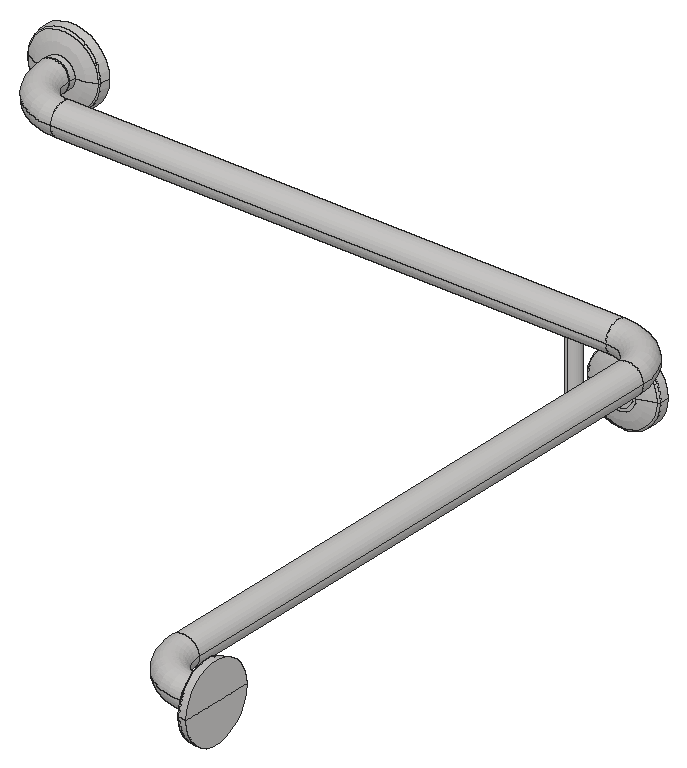
Revit family "Specialty Equipment_Grab Rail_Metlam_MLR 110", category Specialty Equipment, Revit 2014
Parameters (values of type "750w x 170h x 750d")
  URL = "http://www.metlam.com.au/"
  Type Comments = "Grab Rails"  # constant formula
  ModifiedIssue_ANZRS = 20151029  # constant formula
  Model = "MLR 110"
  Manufacturer_Overall Width = 750 mm  # constant formula
  Grab Rail Material = z_Metlam_Stainless Steel
  Manufacturer_URL__Product Specific = "http://metlam.com.au/product/content/grab-rails/MLR109"
  Manufacturer_URL_Home Page = "http://www.metlam.com.au/"
  Manufacturer_Spec Code = Model  # "MLR 110"
  Manufacturer_Overall Height = 170 mm  # constant formula
  Manufacturer_Overall Depth = 750 mm  # constant formula
  Manufacturer_Height From FFL [instance] = 805 mm
  Manufacturer = "Metlam"  # constant formula
  Keynote = ""
  Description = "RH Corner Wall Flush Mount Shower Grab Rail"  # constant formula
  CreatedBy_ANZRS = "IGS - BIM Solutions"  # constant formula
  CreatedByURL_ANZRS = "http://www.igsgroup.com.au/"
  Assembly Code = "C1030200"
Reference planes
  plane 1 "Origin": z = 0
  plane 2 "Centre of Grab": z = 789
  plane 3 "Top": z = 828
  plane 4 "Bottom Centre": z = 696
  plane 5 "Bottom": z = 658
  plane 6 "Back": y = 610
  plane 7 "Right": x = 210
  plane 8 "Left": x = -540
  plane 9 "Front": y = -140
  plane 10 "Mounting Height": z = 805
  plane 11 "Center (Left/Right)": x = -165
  plane 12 "Center (Front/Back)": y = 235
Forms (mm)
  Sweep 1, solid, material "z_Metlam_Stainless Steel" <- "Grab Rail Material"
    path origin (0, 0, 789) x (-1, 0, 0) y (0, -1, 0)
      loop
        line (-187, 140) -> (-186, 140)
        arc (-186, 140) -> (-150.645, 125.355) -> (-136, 90) r 50
        line (-136, 90) -> (-136, -486)
        arc (-136, -486) -> (-121.355, -521.355) -> (-86, -536) r 50
        line (-86, -536) -> (490, -536)
        arc (490, -536) -> (525.355, -550.645) -> (540, -586) r 50
        line (540, -586) -> (540, -586.983)
    profile origin (186.5, -140, 789) x (0, -1, 0) y (0, 0, 1)
      loop
        circle (0, 0) r 16
  Revolve 2, solid, material "z_Metlam_Stainless Steel" <- "Grab Rail Material"
    sketch origin (0, 0, 789) x (-1, 0, 0) y (0, -1, 0)
      loop
        arc (524, -593.938) -> (513.591, -595.611) -> (503.743, -599.373) r 51.397
        arc (503.743, -599.373) -> (502.851, -600.13) -> (502.401, -601.21) r 2.5
        line (502.401, -601.21) -> (501, -610) -> (540, -610) -> (540, -586.969) -> (524, -586.969) -> (524, -593.938)
      axis (540, -586.969) -> (540, -610)
    angle from 0 to 360
  Revolve 3, solid, material "z_Metlam_Stainless Steel" <- "Grab Rail Material"
    sketch origin (0, 0, 789) x (-1, 0, 0) y (0, -1, 0)
      loop
        line (-193.969, 124) -> (-187, 124) -> (-187, 140) -> (-210, 140) -> (-210, 101) -> (-201.241, 102.401)
        arc (-201.241, 102.401) -> (-200.162, 102.851) -> (-199.405, 103.743) r 2.5
        arc (-199.405, 103.743) -> (-195.643, 113.591) -> (-193.969, 124) r 51.397
      axis (-187, 140) -> (-210, 140)
    angle from 0 to 360
  Revolve 4, solid, material "z_Metlam_Stainless Steel" <- "Grab Rail Material"
    sketch origin (58, 0, 696) x (-1, 0, 0) y (0, -1, 0)
      loop
        line (-20, -610) -> (18, -610) -> (18, -593.969) -> (3.135, -593.969)
        arc (3.135, -593.969) -> (1.574, -594.005) -> (0.017, -594.112) r 34
        arc (0.017, -594.112) -> (-9.366, -595.884) -> (-18.246, -599.393) r 50.422
        arc (-18.246, -599.393) -> (-19.213, -600.266) -> (-19.609, -601.506) r 2.5
        line (-19.609, -601.506) -> (-20, -610)
      axis (18, -610) -> (18, -593.969)
    angle from 0 to 360
  Sweep 5, solid, material "z_Metlam_Stainless Steel" <- "Grab Rail Material"
    path origin (140, 610, 0) x (0, 1, 0) y (0, 0, -1)
      loop
        line (-16.031, -696) -> (-49, -696)
        arc (-49, -696) -> (-66.678, -703.322) -> (-74, -721) r 25
        line (-74, -721) -> (-74, -789)
    profile origin (140, 577.485, 696) x (0, 0, 1) y (-1, 0, 0)
      loop
        circle (0, 100) r 7.5
Cuts and joins
  joined: Sweep 1, Revolve 2, Revolve 3
Lines and regions (mm)
  Masking region 1
    outline origin (0, 0, 0) x (0, 1, 0) y (0, 0, 1)
      loop
        line (593.969, 805) -> (-104.433, 805)
        arc (-104.433, 805) -> (-179, 789) -> (-104.433, 773) r 39
        line (-104.433, 773) -> (528.5, 773) -> (528.5, 721.093)
        arc (528.5, 721.093) -> (538.046, 698.046) -> (561.093, 688.5) r 32.593
        line (561.093, 688.5) -> (593.969, 688.5) -> (593.969, 680)
        arc (593.969, 680) -> (595.604, 669.577) -> (599.4, 659.732) r 49.754
        arc (599.4, 659.732) -> (600.144, 658.859) -> (601.2, 658.41) r 2.5
        line (601.2, 658.41) -> (610, 658) -> (610, 734) -> (601.2, 733.59)
        arc (601.2, 733.59) -> (600.144, 733.141) -> (599.4, 732.268) r 2.5
        arc (599.4, 732.268) -> (595.604, 722.423) -> (593.969, 712) r 49.754
        line (593.969, 712) -> (593.969, 703.5) -> (561.128, 703.5)
        arc (561.128, 703.5) -> (548.663, 708.663) -> (543.5, 721.128) r 17.628
        line (543.5, 721.128) -> (543.5, 773) -> (593.969, 773)
        arc (593.969, 773) -> (595.604, 762.577) -> (599.4, 752.732) r 49.754
        arc (599.4, 752.732) -> (600.158, 751.849) -> (601.233, 751.405) r 2.5
        line (601.233, 751.405) -> (610, 750.016) -> (610, 827.984) -> (601.233, 826.595)
        arc (601.233, 826.595) -> (600.158, 826.151) -> (599.4, 825.268) r 2.5
        arc (599.4, 825.268) -> (595.604, 815.423) -> (593.969, 805) r 49.754
  Masking region 2
    outline origin (-388, 0, 805) x (1, 0, 0) y (0, 1, 0)
      loop
        arc (-136, 593.969) -> (-125.577, 595.621) -> (-115.727, 599.407) r 50.422
        arc (-115.727, 599.407) -> (-114.847, 600.158) -> (-114.404, 601.225) r 2.482
        line (-114.404, 601.225) -> (-113, 610) -> (-191, 610) -> (-189.596, 601.225)
        arc (-189.596, 601.225) -> (-189.153, 600.158) -> (-188.273, 599.407) r 2.482
        arc (-188.273, 599.407) -> (-178.423, 595.621) -> (-168, 593.969) r 50.422
        line (-168, 593.969) -> (-168, 586)
        arc (-168, 586) -> (-148.669, 539.331) -> (-102, 520) r 66
        line (-102, 520) -> (474, 520)
        arc (474, 520) -> (498.042, 510.041) -> (508, 486) r 34
        line (508, 486) -> (508, -89.953)
        arc (508, -89.953) -> (527.345, -136.656) -> (574.047, -156) r 66.047
        line (574.047, -156) -> (581.969, -156)
        arc (581.969, -156) -> (583.623, -166.43) -> (587.414, -176.286) r 50.422
        arc (587.414, -176.286) -> (588.156, -177.155) -> (589.212, -177.594) r 2.455
        line (589.212, -177.594) -> (598, -179) -> (598, -101) -> (589.226, -102.404)
        arc (589.226, -102.404) -> (588.158, -102.847) -> (587.407, -103.727) r 2.482
        arc (587.407, -103.727) -> (583.622, -113.577) -> (581.969, -124) r 50.422
        line (581.969, -124) -> (574, -124)
        arc (574, -124) -> (549.958, -114.042) -> (540, -90) r 34
        line (540, -90) -> (540, 485.968)
        arc (540, 485.968) -> (520.66, 532.66) -> (473.969, 552) r 66.031
        line (473.969, 552) -> (435.497, 552) -> (435.497, 593.969) -> (443.997, 593.969)
        arc (443.997, 593.969) -> (454.427, 595.623) -> (464.283, 599.414) r 50.422
        arc (464.283, 599.414) -> (465.208, 600.236) -> (465.614, 601.404) r 2.455
        line (465.614, 601.404) -> (466, 610) -> (390, 610) -> (390.38, 601.4)
        arc (390.38, 601.4) -> (390.787, 600.234) -> (391.711, 599.414) r 2.455
        arc (391.711, 599.414) -> (401.567, 595.623) -> (411.997, 593.969) r 50.422
        line (411.997, 593.969) -> (420.497, 593.969) -> (420.497, 552) -> (-102.038, 552)
        arc (-102.038, 552) -> (-126.053, 561.947) -> (-136, 585.962) r 33.962
        line (-136, 585.962) -> (-136, 593.969)
  Masking region 3
    outline origin (-388, -90, 0) x (1, 0, 0) y (0, 0, -1)
      loop
        line (-116.433, -805) -> (581.969, -805)
        arc (581.969, -805) -> (583.624, -815.43) -> (587.421, -825.285) r 50.273
        arc (587.421, -825.285) -> (588.179, -826.17) -> (589.256, -826.615) r 2.5
        line (589.256, -826.615) -> (598, -828) -> (598, -750) -> (589.256, -751.385)
        arc (589.256, -751.385) -> (588.179, -751.83) -> (587.421, -752.715) r 2.5
        arc (587.421, -752.715) -> (583.624, -762.57) -> (581.969, -773) r 50.273
        line (581.969, -773) -> (435.5, -773) -> (435.5, -733.253)
        arc (435.5, -733.253) -> (428, -658) -> (420.5, -733.253) r 38
        line (420.5, -733.253) -> (420.5, -773) -> (-116.433, -773)
        arc (-116.433, -773) -> (-191, -789) -> (-116.433, -805) r 39
  symbolic lines, style "Grab Rails", detail levels medium+fine
    curve 1: line (0, 535.958, 773) -> (0, 543.5, 773)
    curve 2: line (0, 593.969, 805) -> (0, 593.969, 773)
    curve 3: line (110, -104.433, 805) -> (110, -140, 805)
    curve 4: line (110, -104.433, 773) -> (110, -140, 773)
    curve 5: arc (110, -140, 773) -> (110, -156, 789) -> (110, -140, 805) r 16
    curve 6: line (0, 593.969, 688.5) -> (0, 593.969, 703.5)
    curve 7: arc (110, 535.958, 773) -> (110, 519.958, 789) -> (110, 535.958, 805) r 16
    curve 8: line (0, 528.5, 774.867) -> (0, 528.5, 773)
    curve 9: line (193.969, -156, 789) -> (193.969, -124, 789)
    curve 10: line (-556, 593.969, 789) -> (-524, 593.969, 789)
    curve 11: line (47.497, 552, 0) -> (32.497, 552, 0)
    curve 12: line (193.969, -90, 773) -> (193.969, -90, 805)
    curve 13: line (-540, -90, 805) -> (-504.433, -90, 805)
    curve 14: arc (-540, -90, 773) -> (-556, -90, 789) -> (-540, -90, 805) r 16
    curve 15: line (-504.433, -90, 773) -> (-540, -90, 773)
    curve 16: arc (136.002, -90, 773) -> (120.002, -90, 789) -> (136.002, -90, 805) r 16
    curve 17: line (47.5, -90, 773) -> (32.5, -90, 773)
    curve 18: line (47.5, 593.969, 0) -> (32.497, 593.969, 0)
    curve 19: arc (32.5, 0, 696) -> (40, 0, 688.5) -> (47.5, 0, 696) r 7.5
    curve 20: line (32.5, 0, 733.253) -> (32.5, 0, 696)
    curve 21: line (47.5, 0, 696) -> (47.5, 0, 733.253)
Text (mm)
  text "Disclaimer:\n\nDue to ongoing product development and manufacturing evolution, product details are subject to change without notice.\n\nPlease refer to product technical data sheets on www.metlam.com.au for the most current product information.\n\nPlease allow a +/- 5mm tolerance for dimensions and set-outs shown in product literature.\n\n© Metlam 2015" at (462.388, 554.737, 0), in view "Ref. Level_Instruction"
Dimensions and locks
  "Manufacturer_Height From FFL": plane 10 "Mounting Height" to plane 1 "Origin"
  "Manufacturer_Overall Height": plane 3 "Top" to plane 5 "Bottom"
  "Manufacturer_Overall Depth": plane 6 "Back" to plane 9 "Front"
  "Manufacturer_Overall Width": plane 8 "Left" to plane 7 "Right"
  locked: plane 10 "Mounting Height" to plane 3 "Top" at 23
  plane 5 "Bottom" to plane 4 "Bottom Centre" to plane 2 "Centre of Grab" = 38 mm locked, 93 mm locked
  equal spacing: plane 8 "Left", plane 11 "Center (Left/Right)", plane 7 "Right"
  equal spacing: plane 6 "Back", plane 12 "Center (Front/Back)", plane 9 "Front"
  aligned and locked: level to plane 1 "Origin"
  aligned and locked: curve 13 to Masking region 3
  aligned and locked: Masking region 3 to curve 15
Automatic sketch dimensions
  curve 8 to plane 2 "Centre of Grab" = 14.133 mm
  curve 8 to plane 6 "Back" = 81.5 mm
  curve 8 to curve 1 = 7.458 mm
  curve 1 to curve 1 = 7.542 mm
  plane 4 "Bottom Centre" to curve 6 = 7.5 mm
  curve 6 to plane 6 "Back" = 16.031 mm
  curve 2 to plane 6 "Back" = 16.031 mm
  curve 1 to curve 8 = 1.867 mm
  curve 8 to curve 8 = 1.867 mm
  curve 2 to plane 2 "Centre of Grab" = 16 mm
  curve 6 to plane 4 "Bottom Centre" = 7.5 mm
  plane 2 "Centre of Grab" to curve 2 = 16 mm
  Masking region 1 sketch curve to plane 2 "Centre of Grab" = 0 mm
  Masking region 1 sketch curve to plane 9 "Front" = 0 mm
  Masking region 1 sketch curve to plane 6 "Back" = 0 mm  (x2)
  Masking region 1 sketch curve to plane 5 "Bottom" = 0 mm
  plane 2 "Centre of Grab" to Masking region 1 sketch curve = 16 mm
  plane 9 "Front" to Masking region 1 sketch curve = 35.567 mm
  Masking region 1 sketch curve to plane 2 "Centre of Grab" = 16 mm
  Masking region 1 sketch curve to plane 6 "Back" = 81.5 mm
  Masking region 1 sketch curve to Masking region 1 sketch curve = 15 mm
  Masking region 1 sketch curve to plane 4 "Bottom Centre" = 7.5 mm
  Masking region 1 sketch curve to Masking region 1 sketch curve = 17.593 mm
  plane 4 "Bottom Centre" to Masking region 1 sketch curve = 7.5 mm
  Masking region 1 sketch curve to Masking region 1 sketch curve = 0.035 mm
  Masking region 1 sketch curve to plane 6 "Back" = 16.031 mm  (x3)
  Masking region 1 sketch curve to Masking region 1 sketch curve = 0 mm  (x4)
  plane 5 "Bottom" to Masking region 1 sketch curve = 0.41 mm
  Masking region 1 sketch curve to plane 6 "Back" = 8.8 mm  (x2)
  Masking region 1 sketch curve to plane 3 "Top" = 1.405 mm
  Masking region 1 sketch curve to plane 6 "Back" = 8.767 mm  (x2)
  Masking region 1 sketch curve to Masking region 1 sketch curve = 0.391 mm  (x2)
  Masking region 1 sketch curve to Masking region 1 sketch curve = 0.424 mm  (x2)
  Masking region 1 sketch curve to plane 2 "Centre of Grab" = 13.546 mm
  plane 6 "Back" to Masking region 1 sketch curve = 33.662 mm  (x2)
  Masking region 1 sketch curve to plane 4 "Bottom Centre" = 13.546 mm
  plane 4 "Bottom Centre" to Masking region 1 sketch curve = 13.546 mm
  Masking region 1 sketch curve to Masking region 1 sketch curve = 2.464 mm
  Masking region 1 sketch curve to Masking region 1 sketch curve = 8.5 mm  (x2)
  Masking region 1 sketch curve to Masking region 1 sketch curve = 19.126 mm
  Masking region 1 sketch curve to Masking region 1 sketch curve = 1.322 mm
  Masking region 1 sketch curve to Masking region 1 sketch curve = 0.41 mm
  Masking region 1 sketch curve to Masking region 1 sketch curve = 16.016 mm
  Masking region 1 sketch curve to Masking region 1 sketch curve = 1.389 mm
  Masking region 1 sketch curve to Masking region 1 sketch curve = 2.469 mm  (x2)
  plane 2 "Centre of Grab" to Masking region 1 sketch curve = 13.546 mm
  Masking region 1 sketch curve to plane 3 "Top" = 0.016 mm
  curve 9 to plane 7 "Right" = 16.031 mm
  curve 10 to plane 6 "Back" = 16.031 mm
  plane 8 "Left" to curve 10 = 16 mm
  curve 10 to plane 8 "Left" = 16 mm
  plane 9 "Front" to curve 9 = 16 mm
  curve 9 to plane 9 "Front" = 16 mm
  curve 16 to plane 2 "Centre of Grab" = 0 mm
  curve 14 to plane 8 "Left" = 0 mm
  curve 16 to plane 7 "Right" = 73.998 mm
  curve 15 to curve 15 = 35.567 mm
  curve 15 to curve 13 = 0 mm
  curve 12 to plane 7 "Right" = 16.031 mm
  curve 16 to curve 16 = 16 mm
  curve 17 to plane 2 "Centre of Grab" = 16 mm
  curve 12 to plane 2 "Centre of Grab" = 16 mm
  plane 2 "Centre of Grab" to curve 12 = 16 mm
  curve 3 to plane 9 "Front" = 0 mm
  curve 7 to plane 2 "Centre of Grab" = 0 mm
  curve 5 to plane 2 "Centre of Grab" = 0 mm
  curve 7 to plane 6 "Back" = 74.042 mm
  curve 4 to plane 2 "Centre of Grab" = 16 mm
  curve 3 to curve 3 = 35.567 mm
  curve 4 to curve 3 = 0 mm
  curve 7 to plane 2 "Centre of Grab" = 16 mm
  Sweep 1 sketch curve to profile plane = 0 mm  (x2)
  Masking region 2 sketch curve to plane 6 "Back" = 0 mm  (x2)
  Masking region 2 sketch curve to plane 7 "Right" = 0 mm
  Masking region 2 sketch curve to plane 7 "Right" = 8.382 mm
  Masking region 2 sketch curve to plane 7 "Right" = 8.4 mm
  Masking region 2 sketch curve to Masking region 2 sketch curve = 0.392 mm  (x2)
  Masking region 2 sketch curve to Masking region 2 sketch curve = 0.388 mm
  Masking region 2 sketch curve to plane 7 "Right" = 16.031 mm  (x2)
  Masking region 2 sketch curve to Masking region 2 sketch curve = 15.178 mm
  Masking region 2 sketch curve to Masking region 2 sketch curve = 7.969 mm  (x2)
  Masking region 2 sketch curve to plane 7 "Right" = 58 mm
  Masking region 2 sketch curve to Masking region 2 sketch curve = 32 mm
  Masking region 2 sketch curve to Masking region 2 sketch curve = 34 mm
  Masking region 2 sketch curve to Masking region 2 sketch curve = 0.031 mm  (x2)
  Masking region 2 sketch curve to plane 6 "Back" = 8.596 mm
  Masking region 2 sketch curve to Masking region 2 sketch curve = 0.386 mm
  Masking region 2 sketch curve to Masking region 2 sketch curve = 2.447 mm  (x2)
  Masking region 2 sketch curve to Masking region 2 sketch curve = 8.5 mm  (x2)
  Masking region 2 sketch curve to plane 6 "Back" = 8.4 mm
  Masking region 2 sketch curve to Masking region 2 sketch curve = 19.17 mm  (x3)
  Masking region 2 sketch curve to plane 6 "Back" = 8.6 mm
  Masking region 2 sketch curve to Masking region 2 sketch curve = 0.38 mm
  plane 8 "Left" to Masking region 2 sketch curve = 50 mm
  Masking region 2 sketch curve to Masking region 2 sketch curve = 0.038 mm
  Masking region 2 sketch curve to Masking region 2 sketch curve = 11 mm
  Masking region 2 sketch curve to plane 6 "Back" = 8.775 mm  (x2)
  Masking region 2 sketch curve to Masking region 2 sketch curve = 1.404 mm  (x3)
  Masking region 2 sketch curve to Masking region 2 sketch curve = 2.451 mm  (x2)
  plane 8 "Left" to Masking region 2 sketch curve = 16 mm
  plane 8 "Left" to Masking region 2 sketch curve = 13.36 mm
  Masking region 2 sketch curve to plane 8 "Left" = 13.36 mm
  Masking region 2 sketch curve to plane 8 "Left" = 16 mm
  Masking region 2 sketch curve to plane 6 "Back" = 8.382 mm
  Masking region 2 sketch curve to Masking region 2 sketch curve = 19.145 mm
  plane 9 "Front" to Masking region 2 sketch curve = 13.36 mm
  plane 7 "Right" to Masking region 2 sketch curve = 34.322 mm
  Masking region 2 sketch curve to plane 9 "Front" = 13.36 mm
  Masking region 2 sketch curve to Masking region 2 sketch curve = 0 mm  (x4)
  Masking region 2 sketch curve to plane 9 "Front" = 16 mm
  Masking region 2 sketch curve to Masking region 2 sketch curve = 1.308 mm
  Masking region 2 sketch curve to Masking region 2 sketch curve = 1.406 mm
  plane 9 "Front" to Masking region 2 sketch curve = 16 mm
  Masking region 2 sketch curve to Masking region 2 sketch curve = 19.146 mm
  Masking region 2 sketch curve to Masking region 2 sketch curve = 1.323 mm
  Masking region 2 sketch curve to plane 6 "Back" = 124.032 mm
  Masking region 2 sketch curve to Masking region 2 sketch curve = 8.007 mm
  Masking region 2 sketch curve to plane 6 "Back" = 16.031 mm  (x2)
  Masking region 2 sketch curve to Masking region 2 sketch curve = 0.196 mm
  plane 6 "Back" to Masking region 2 sketch curve = 34.322 mm  (x2)
  Sweep 5 sketch curve to plane 2 "Centre of Grab" = 0 mm
  Sweep 5 sketch curve to plane 4 "Bottom Centre" = 0 mm
  plane 4 "Bottom Centre" to Sweep 5 sketch curve = 25 mm
  Sweep 5 sketch curve to plane 6 "Back" = 74 mm
  Sweep 5 sketch curve to plane 6 "Back" = 16.031 mm
  Sweep 5 sketch curve to profile plane = 0 mm
  profile plane to Sweep 5 sketch curve = 100 mm
  Masking region 3 sketch curve to plane 2 "Centre of Grab" = 0 mm
  Masking region 3 sketch curve to plane 8 "Left" = 0 mm
  Masking region 3 sketch curve to plane 4 "Bottom Centre" = 0 mm
  Masking region 3 sketch curve to plane 3 "Top" = 0 mm
  Masking region 3 sketch curve to plane 7 "Right" = 0 mm
  plane 2 "Centre of Grab" to Masking region 3 sketch curve = 16 mm
  plane 8 "Left" to Masking region 3 sketch curve = 35.567 mm
  Masking region 3 sketch curve to plane 2 "Centre of Grab" = 16 mm
  Masking region 3 sketch curve to plane 7 "Right" = 16.031 mm  (x2)
  Masking region 3 sketch curve to plane 7 "Right" = 8.744 mm  (x2)
  Masking region 3 sketch curve to plane 3 "Top" = 1.385 mm
  Masking region 3 sketch curve to Masking region 3 sketch curve = 0.391 mm  (x2)
  Masking region 3 sketch curve to plane 2 "Centre of Grab" = 13.381 mm
  plane 7 "Right" to Masking region 3 sketch curve = 34.174 mm
  plane 2 "Centre of Grab" to Masking region 3 sketch curve = 13.381 mm
  Masking region 3 sketch curve to Masking region 3 sketch curve = 0 mm  (x2)
  Masking region 3 sketch curve to Masking region 3 sketch curve = 2.469 mm
  Masking region 3 sketch curve to Masking region 3 sketch curve = 19.146 mm
  Masking region 3 sketch curve to Masking region 3 sketch curve = 1.33 mm
  Masking region 3 sketch curve to Masking region 3 sketch curve = 1.385 mm
  plane 4 "Bottom Centre" to Masking region 3 sketch curve = 37.253 mm
  Revolve 4 sketch curve to plane 6 "Back" = 0 mm  (x2)
  Revolve 4 sketch curve to plane 6 "Back" = 8.379 mm
  Revolve 4 sketch curve to Revolve 4 sketch curve = 20.246 mm
  Revolve 4 sketch curve to plane 6 "Back" = 8.494 mm
  Revolve 4 sketch curve to Revolve 4 sketch curve = 2.497 mm
  Revolve 4 sketch curve to Revolve 4 sketch curve = 0.391 mm
  plane 6 "Back" to Revolve 4 sketch curve = 17.969 mm
  Revolve 4 sketch curve to Revolve 4 sketch curve = 16.353 mm
  Revolve 4 sketch curve to plane 6 "Back" = 16.031 mm
  Revolve 4 sketch curve to Revolve 4 sketch curve = 0 mm  (x2)
  Revolve 4 sketch curve to Revolve 4 sketch curve = 11.61 mm
  Sweep 1 sketch curve to plane 9 "Front" = 0 mm
  Sweep 1 sketch curve to plane 8 "Left" = 0 mm
  plane 8 "Left" to Sweep 1 sketch curve = 50 mm
  Sweep 1 sketch curve to plane 7 "Right" = 74 mm
  Sweep 1 sketch curve to plane 7 "Right" = 24 mm
  Sweep 1 sketch curve to plane 6 "Back" = 124 mm
  Sweep 1 sketch curve to Sweep 1 sketch curve = 1 mm
  Sweep 1 sketch curve to Sweep 1 sketch curve = 0.983 mm
  Revolve 2 sketch curve to plane 6 "Back" = 0 mm
  Revolve 2 sketch curve to plane 8 "Left" = 0 mm  (x2)
  plane 8 "Left" to Revolve 2 sketch curve = 13.089 mm
  plane 8 "Left" to Revolve 2 sketch curve = 16 mm
  Revolve 2 sketch curve to plane 6 "Back" = 8.395 mm
  Revolve 2 sketch curve to Revolve 2 sketch curve = 19.13 mm
  Revolve 2 sketch curve to plane 6 "Back" = 8.79 mm
  Revolve 2 sketch curve to Revolve 2 sketch curve = 2.469 mm
  Revolve 2 sketch curve to Revolve 2 sketch curve = 1.401 mm
  plane 6 "Back" to Revolve 2 sketch curve = 35.252 mm
  Revolve 2 sketch curve to plane 6 "Back" = 16.062 mm
  Revolve 2 sketch curve to Revolve 2 sketch curve = 6.969 mm
  Revolve 2 sketch curve to Revolve 2 sketch curve = 4.717 mm
  Revolve 2 sketch curve to Revolve 2 sketch curve = 10.031 mm
  Revolve 3 sketch curve to plane 9 "Front" = 0 mm  (x2)
  Revolve 3 sketch curve to plane 7 "Right" = 0 mm
  plane 9 "Front" to Revolve 3 sketch curve = 13.089 mm
  plane 7 "Right" to Revolve 3 sketch curve = 35.283 mm
  Revolve 3 sketch curve to plane 7 "Right" = 8.364 mm
  Revolve 3 sketch curve to Revolve 3 sketch curve = 0.395 mm
  Revolve 3 sketch curve to plane 7 "Right" = 16.031 mm
  Revolve 3 sketch curve to Revolve 3 sketch curve = 6.969 mm
  Revolve 3 sketch curve to Revolve 3 sketch curve = 16 mm
  Revolve 3 sketch curve to Revolve 3 sketch curve = 19.13 mm
  Revolve 3 sketch curve to Revolve 3 sketch curve = 1.342 mm
  Revolve 3 sketch curve to Revolve 3 sketch curve = 1.401 mm
  Revolve 3 sketch curve to Revolve 3 sketch curve = 4.717 mm
  Revolve 3 sketch curve to plane 7 "Right" = 10 mm
  curve 17 to curve 17 = 15 mm
  Masking region 3 sketch curve to Masking region 3 sketch curve = 7.5 mm
  Masking region 3 sketch curve to Masking region 3 sketch curve = 15 mm
  curve 16 to curve 17 = 88.502 mm
  Sweep 1 sketch curve to Sweep 1 sketch curve = 50 mm
  Masking region 2 sketch curve to Masking region 2 sketch curve = 83.969 mm
  Masking region 2 sketch curve to Masking region 2 sketch curve = 24.637 mm
  Masking region 2 sketch curve to Masking region 2 sketch curve = 15 mm
  Masking region 2 sketch curve to Masking region 2 sketch curve = 26.719 mm
  Revolve 4 sketch curve to plane 7 "Right" = 132 mm
  Revolve 4 sketch curve to Revolve 4 sketch curve = 1.506 mm
  Revolve 4 sketch curve to Revolve 4 sketch curve = 14.865 mm
  Masking region 3 sketch curve to plane 11 "Center (Left/Right)" = 197.5 mm
  curve 18 to plane 6 "Back" = 16.031 mm
  curve 18 to curve 11 = 0 mm
  curve 11 to curve 11 = 15 mm
  curve 18 to curve 18 = 15.003 mm
  curve 19 to plane 4 "Bottom Centre" = 0 mm
  curve 19 to curve 19 = 7.5 mm
  plane 4 "Bottom Centre" to curve 21 = 37.253 mm
  curve 20 to curve 21 = 0 mm
  curve 20 to plane 7 "Right" = 177.5 mm
  curve 11 to plane 6 "Back" = 58 mm
  curve 11 to plane 7 "Right" = 177.503 mm
  radius of Sweep 1 sketch curve = 16 mm
  radius of Sweep 5 sketch curve = 7.5 mm
